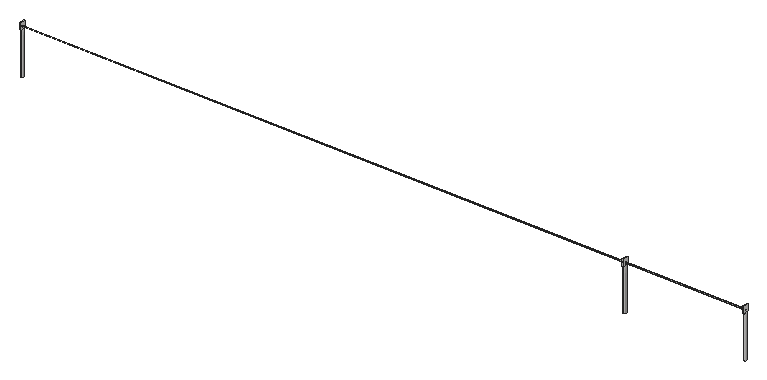
Revit family "BirdControl_Wire_BirdBGone_2000", category Specialty Equipment, Revit 2016
Family settings
  Part Type = Normal
  Round Connector Dimension = Use Diameter
  OmniClass Number = 23.40.10.14.14.99
  OmniClass Title = Other Manufactured Exterior Specialties
  Cut with Voids When Loaded = No
  Shared = No
  Room Calculation Point = No
Parameters (values of type "Wire System")
  Wire Height [instance] = 0' - 4 1/2"
  Warranty Duration (Years) = 0
  URL = "http://www.birdbgone.com/"
  Test Data = "http://www.birdbgone.com/bird-control-product-msds"
  Supports_Array [instance] = if(Supports > 1, Supports, 2)  # 2
  Supports [instance] = if(not(Int < Length Div), Int - 1, Int)  # 1
  SingleSupport [instance] = Supports = 1  # yes
  Int [instance] = Length Div  # 1
  Specification = "http://www.arcat.com/sdspecs/htm/10290bir.htm"
  SpecWizard = ""
  Send Message = "http://www.arcat.com/users.pl?action=UserEmail&company=Bird-B-Gone,%20Inc.&coid=38371&rep=147&fax=949-472-3116&mf="
  Sales Information = "http://www.birdbgone.com/bird-control-store/"
  Revision = "R1_10-2010"
  Product Properties = "http://www.arcat.com/bim/bim_info.pl?fn=BirdBGone"
  Product Data = "http://www.arcat.com/arcatcos/cos38/arc38371.html"
  Model = "As Specified in 10 81 19"
  Material = Metal - Stainless Steel - Bird B Gone
  Manufacturer Website = "http://www.birdbgone.com/"
  Manufacturer Phone - Toll Free = "800-392-6915"
  Manufacturer Phone = "949-472-3122"
  Manufacturer Fax = "949-472-3116"
  Manufacturer Address = "23918 Skyline, Mission Viejo, CA 92692"
  Manufacturer = "Bird-B-Gone, Inc."
  Maintenance Schedule (Months) = 0
  Length Div [instance] = [built-in parameter 1001306] / 5' 0"  # 1.2
  built-in parameter 1001306 [instance] = 6' - 0"
  Keynote = "10 81 19"
  Installation-Fabrication = "http://www.birdbgone.com/installation-instructions"
  Installation Phase = ""
  Green Building-LEED = "http://www.arcat.com/green/clients/leed_data_38371.html"
  Expected Lifespan (Years) = 0
  Drawn By = "Robert S. Weygant, CSI, CDT, SCIP"
  Description = "Bird Control Equipment as Specified in 10 81 19"
  Copyright = "2010 ARCAT, Inc."
  Construction Details = "http://www.arcat.com/details/birdbgon/birdbgon.html?coid=38371"
  Building Codes = "http://www.birdbgone.com/knowledge-center/"
  Assembly Code = "E1090900"
  Array [instance] = Supports > 1  # no
Reference planes (in)
  plane 1 "Center (Front/Back)": y = 0
  plane 2: z = 0
  plane 3 "Left": x = 0
  plane 4 "Right": x = 72
  plane 5 "Wire": z = 4.5
Forms (in)
  Sweep 1, solid, material "Metal - Stainless Steel - Bird B Gone" <- "Material", detail levels medium+fine
    path origin (0, 0, 4.5) x (-1, 0, 0) y (0, -1, 0)
      loop
        line (-72, 0) -> (0, 0)
    profile origin (36, 0, 4.5) x (0, -1, 0) y (0, 0, 1)
      loop
        circle (0, 0) r 0.03125
Lines and regions (in)
  reference lines
    curve 1: line (0, 0, 0) -> (72, 0, 0)
  model lines, style "Bird Control", detail levels coarse
    curve 2: line (0, 0, 4.5) -> (72, 0, 4.5)
Dimensions and locks (in)
  "built-in parameter 1001306": plane 3 "Left" to plane 4 "Right"
  group 1 to group 2 = 5' - 0"
  group 1 to group 2 = 0' - 0"  (x2)
  "Wire Height": plane 5 "Wire" to level
  aligned and locked: plane 4 "Right" to curve 1
  aligned and locked: plane 3 "Left" to curve 1
  aligned and locked: plane 4 "Right" to nested 4
Automatic sketch dimensions
  curve 1 to plane 1 "Center (Front/Back)" = 0' - 0"
  curve 2 to plane 1 "Center (Front/Back)" = 0' - 0"
  curve 2 to plane 4 "Right" = 0' - 0"
  curve 2 to plane 3 "Left" = 0' - 0"
  Sweep 1 sketch curve to plane 1 "Center (Front/Back)" = 0' - 0"
  Sweep 1 sketch curve to plane 4 "Right" = 0' - 0"
  Sweep 1 sketch curve to plane 3 "Left" = 0' - 0"
  Sweep 1 sketch curve to plane 5 "Wire" = 0' - 0"
  Sweep 1 sketch curve to profile plane = 0' - 0"
  radius of Sweep 1 sketch curve = 0' - 0 1/32"
Nested families (in)
  nested 1: "Support_Wire" at (60, 0, 0) x (0, 1, 0) z (0, 0, 1), Material <- "Material", Unit Height <- "Wire Height", visible <- "Array", type "BirdBGone template - Standalone"
    with offset 0' - 0", Unit Height 0' - 4 1/2", Material Metal - Stainless Steel - Bird B Gone
  nested 2: "Support_Wire" at (120, 0, 0) x (0, 1, 0) z (0, 0, 1), Material <- "Material", Unit Height <- "Wire Height", visible <- "Array", type "BirdBGone template - Standalone"
    with offset 0' - 0", Unit Height 0' - 4 1/2", Material Metal - Stainless Steel - Bird B Gone
  nested 3: "Support_Wire" at (0, 0, 0) x (0, 1, 0) z (0, 0, 1), Material <- "Material", Unit Height <- "Wire Height", type "BirdBGone template - Standalone"
    with offset 0' - 0", Unit Height 0' - 4 1/2", Material Metal - Stainless Steel - Bird B Gone
  nested 4: "Support_Wire" at (72, 0, 0) x (0, 1, 0) z (0, 0, 1), Material <- "Material", Unit Height <- "Wire Height", type "BirdBGone template - Standalone"
    with offset 0' - 0", Unit Height 0' - 4 1/2", Material Metal - Stainless Steel - Bird B Gone
  nested 5: "Support_Wire" at (60, 0, 0) x (0, 1, 0) z (0, 0, 1), Material <- "Material", Unit Height <- "Wire Height", visible <- "SingleSupport", type "BirdBGone template - Standalone"
    with offset 0' - 0", Unit Height 0' - 4 1/2", Material Metal - Stainless Steel - Bird B Gone
Definition of nested family "Support_Wire"
  Parameters
    offset [instance] = 0' - 0"
    Warranty Duration (Years) = 0
    Unit Width = 0' - 7"
    Unit Height [instance] = 0' - 5"
    Unit Depth = 0' - 0 1/4"
    URL = "http://www.birdbgone.com/"
    Test Data = "http://www.birdbgone.com/bird-control-product-msds"
    Specification = "http://www.arcat.com/sdspecs/htm/10290bir.htm"
    SpecWizard = ""
    Send Message = "http://www.arcat.com/users.pl?action=UserEmail&company=Bird-B-Gone,%20Inc.&coid=38371&rep=147&fax=949-472-3116&mf="
    Sales Information = "http://www.birdbgone.com/bird-control-store/"
    Revision = "R1_10-2010"
    Product Properties = "http://www.arcat.com/bim/bim_info.pl?fn=BirdBGone"
    Product Data = "http://www.arcat.com/arcatcos/cos38/arc38371.html"
    Model = "As Specified in 10 81 19"
    Material [instance] = none
    Manufacturer Website = "http://www.birdbgone.com/"
    Manufacturer Phone - Toll Free = "800-392-6915"
    Manufacturer Phone = "949-472-3122"
    Manufacturer Fax = "949-472-3116"
    Manufacturer Address = "23918 Skyline, Mission Viejo, CA 92692"
    Manufacturer = "Bird-B-Gone, Inc."
    Maintenance Schedule (Months) = 0
    Keynote = "10 81 19"
    Installation-Fabrication = "http://www.birdbgone.com/installation-instructions"
    Installation Phase = ""
    Green Building-LEED = "http://www.arcat.com/green/clients/leed_data_38371.html"
    Expected Lifespan (Years) = 0
    Drawn By = "Robert S. Weygant, CSI, CDT, SCIP"
    Description = "Bird Control Equipment as Specified in 10 81 19"
    Copyright = "wt"
    Construction Details = "http://www.arcat.com/details/birdbgon/birdbgon.html?coid=38371"
    Building Codes = "http://www.birdbgone.com/knowledge-center/"
    Assembly Code = "E1090900"
  Reference planes (in)
    plane 1 "Center (Front/Back)": y = 0
    plane 2 "Bottom": z = 0
    plane 3 "Center (Left/Right)": x = 0
    plane 4 "Top": z = 5
    plane 5: z = 4.5
    plane 6: z = 5.375
  Forms (in)
    Sweep 1, solid, material <- "Material", detail levels medium+fine
      path origin (0, 0, 0) x (0.707107, 0, 0.707107) y (-0.707107, 0, 0.707107)
        loop
          line (0, 0) -> (3.35876, 3.35876)
      profile origin (0, 0, 2.375) x (-1, 0, 0) y (0, -1, 0)
        loop
          circle (0, 0) r 0.125
    Extrusion 2, solid, material <- "Material", detail levels medium+fine
      sketch origin (0, 0, 0) x (0.707107, 0, 0.707107) y (-0.707107, 0, 0.707107)
        loop
          line (3.62392, 3.97748) -> (3.20408, 3.55763) -> (3.25743, 3.25743) -> (3.55763, 3.20408) -> (3.97748, 3.62392) -> (3.62392, 3.97748)
        loop
          circle (3.53553, 3.53553) r 0.125
      from -0.0625 to 0.0625
  Cuts and joins
    joined: Sweep 1, Extrusion 2
  Lines and regions (in)
    model lines, detail levels coarse
      curve 1: line (0, 0, 0) -> (0, 0, 5)
  Dimensions and locks (in)
    "Unit Height": plane 4 "Top" to level
    plane 6 to plane 4 "Top" to plane 5 = 0' - 0 3/8" locked, 0' - 0 1/2" locked
    locked: plane 4 "Top" to Sweep 1 sketch curve at 0.25
    aligned and locked: level to Sweep 1 sketch curve
  Automatic sketch dimensions
    Sweep 1 sketch curve to profile plane = 0' - 0"  (x2)
    curve 1 to level = 0' - 0"
    curve 1 to plane 3 "Center (Left/Right)" = 0' - 0"  (x2)
    curve 1 to plane 4 "Top" = 0' - 0"
    Extrusion 2 sketch curve to plane 3 "Center (Left/Right)" = 0' - 0"  (x2)
    Extrusion 2 sketch curve to plane 4 "Top" = 0' - 0"
    Extrusion 2 sketch curve to plane 6 = 0' - 0"  (x2)
    Extrusion 2 sketch curve to Extrusion 2 sketch curve = 0' - 0.2781"
    Extrusion 2 sketch curve to Extrusion 2 sketch curve = 0' - 0.05335"
    Extrusion 2 sketch curve to Extrusion 2 sketch curve = 0' - 0.3002"
    Extrusion 2 sketch curve to Extrusion 2 sketch curve = 0' - 0.08839"
    Extrusion 2 sketch curve to Extrusion 2 sketch curve = 0' - 0.44194"
    Sweep 1 sketch curve to plane 3 "Center (Left/Right)" = 0' - 0"  (x2)
    radius of Sweep 1 sketch curve = 0' - 0 1/8"
    radius of Extrusion 2 sketch curve = 0' - 0 1/8"
